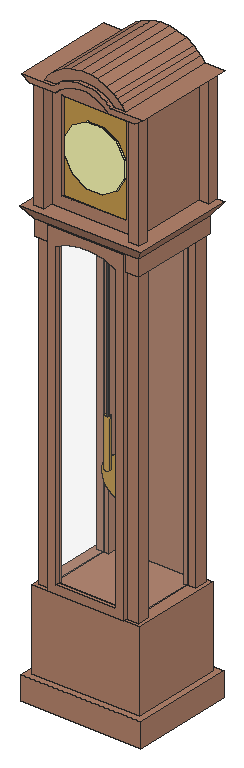
Revit family
Parameters
  Subcategory = "Home Decor"
  SmartBIM Object Version = 3  # constant formula
  SmartBIM Object Created By = "Reed Construction Data"  # constant formula
  Default Elevation = 4' - 0"
  Clock = Wood Solid Mahogany
  Assembly Code = "E1090900"
  95 CSI = "12460"  # constant formula
  04 CSI = "12 46 19"  # constant formula
Reference planes (in)
  plane 1 "Center (Front/Back)": y = 0
  plane 2: z = 0
  plane 3 "Center (Left/Right)": x = 0
  plane 4: y = 6.5
  plane 5 "front": y = -6.5
  plane 6: x = -7.5
  plane 7: x = 7.5
  plane 8: z = 3
  plane 9: z = 13
  plane 10: z = 52
  plane 11: z = 54
  plane 12: z = 55.5
  plane 13: x = -7.5625
  plane 14: x = 7.5625
  plane 15: y = -6.5625
  plane 16: y = 6.5625
  plane 17: z = 69.5
  plane 18: z = 70.1875
  plane 19: z = 71
  plane 20: y = -6.3125
  plane 21: y = -5.8125
  plane 22 "model lines": y = -4.25703
Forms (in)
  Extrusion 1, solid, material "Wood Solid Mahogany" <- "Clock"
    sketch origin (0, 0, 0) x (1, 0, 0) y (0, 1, 0)
      loop
        line (-7.5, 6.5) -> (-7.5, -6.5) -> (7.5, -6.5) -> (7.5, 6.5) -> (-7.5, 6.5)
    from 0 to 3
  Extrusion 2, solid, material "Wood Solid Mahogany" <- "Clock"
    sketch origin (0, 0, 0) x (1, 0, 0) y (0, 1, 0)
      loop
        line (6.75, 5.75) -> (-6.75, 5.75) -> (-6.75, -5.75) -> (6.75, -5.75) -> (6.75, 5.75)
    from 3 to 13
  Extrusion 3, solid, material "Wood Solid Mahogany" <- "Clock"
    sketch origin (0, 0, 0) x (1, 0, 0) y (0, 1, 0)
      loop
        line (-6.25, -3.75) -> (-6.25, -5.25) -> (-4.75, -5.25) -> (-4.75, -3.75) -> (-6.25, -3.75)
      loop
        line (6.25, -3.75) -> (4.75, -3.75) -> (4.75, -5.25) -> (6.25, -5.25) -> (6.25, -3.75)
      loop
        line (-6.25, 3.75) -> (-4.75, 3.75) -> (-4.75, 5.25) -> (-6.25, 5.25) -> (-6.25, 3.75)
      loop
        line (6.25, 3.75) -> (6.25, 5.25) -> (4.75, 5.25) -> (4.75, 3.75) -> (6.25, 3.75)
    from 13 to 52
  Extrusion 4, solid, material "Wood Solid Mahogany" <- "Clock"
    sketch origin (0, 0, 0) x (1, 0, 0) y (0, 0, 1)
      loop
        line (-4.75, 13) -> (4.75, 13) -> (4.75, 54) -> (-4.75, 54) -> (-4.75, 13)
      loop
        line (-3.75, 52) -> (-3.75, 14) -> (3.75, 14) -> (3.75, 52)
        arc (3.75, 52) -> (0, 53) -> (-3.75, 52) r 7.53125
    from 5.25 to 5.75
  Extrusion 5, solid, material "Wood Solid Mahogany" <- "Clock"
    sketch origin (0, 0, 0) x (1, 0, 0) y (0, 1, 0)
      loop
        line (-4.75, 3.75) -> (4.75, 3.75) -> (4.75, -5.5) -> (6.5, -5.5) -> (6.5, 5.5) -> (-6.5, 5.5) -> (-6.5, -5.5) -> (-4.75, -5.5) -> (-4.75, 3.75)
    from 52 to 54
  Blend 6, solid, material "Wood Solid Mahogany" <- "Clock"
    base sketch origin (0, 0, 0) x (1, 0, 0) y (0, 1, 0)
      loop
        line (-6.5, -5.5) -> (6.5, -5.5) -> (6.5, 5.5) -> (-6.5, 5.5) -> (-6.5, -5.5)
    top sketch origin (0, 0, 0) x (1, 0, 0) y (0, 1, 0)
      loop
        line (7.5625, 6.5625) -> (-7.5625, 6.5625) -> (-7.5625, -6.5625) -> (7.5625, -6.5625) -> (7.5625, 6.5625)
    from 54 to 55.5
  Extrusion 7, solid, material "Wood Solid Mahogany" <- "Clock"
    sketch origin (0, 0, 0) x (1, 0, 0) y (0, 1, 0)
      loop
        line (-6.5625, -4.3125) -> (-6.5625, -5.5625) -> (-5.3125, -5.5625) -> (-5.3125, -4.3125) -> (-6.5625, -4.3125)
      loop
        line (6.5625, -4.3125) -> (5.3125, -4.3125) -> (5.3125, -5.5625) -> (6.5625, -5.5625) -> (6.5625, -4.3125)
      loop
        line (6.5625, 6.5625) -> (5.3125, 6.5625) -> (5.3125, 5.3125) -> (6.5625, 5.3125) -> (6.5625, 6.5625)
      loop
        line (-6.5625, 6.5625) -> (-6.5625, 5.3125) -> (-5.3125, 5.3125) -> (-5.3125, 6.5625) -> (-6.5625, 6.5625)
    from 55.5 to 69.5
  Extrusion 8, solid, material "Wood Solid Mahogany" <- "Clock"
    sketch origin (0, 0, 0) x (1, 0, 0) y (0, 0, 1)
      loop
        line (-6.5625, 69.5) -> (-3.3125, 69.5)
        arc (-3.3125, 69.5) -> (-3.03361, 69.7899) -> (-2.72945, 70.05317) r 4.40755
        arc (-2.72945, 70.05317) -> (-2.29106, 70.35776) -> (-1.81905, 70.60712) r 4.40755
        arc (-1.81905, 70.60712) -> (-1.29712, 70.80481) -> (-0.75438, 70.93496) r 4.40755
        arc (-0.75438, 70.93496) -> (-0.10236, 70.99881) -> (0.55192, 70.96531) r 4.40755
        arc (0.55192, 70.96531) -> (1.21272, 70.82988) -> (1.84513, 70.5952) r 4.40755
        arc (1.84513, 70.5952) -> (2.25331, 70.38047) -> (2.63681, 70.12426) r 4.40755
        arc (2.63681, 70.12426) -> (2.99099, 69.82981) -> (3.3125, 69.5) r 4.40755
        line (3.3125, 69.5) -> (6.5625, 69.5) -> (7.5625, 70.1875) -> (3.61042, 70.1875)
        arc (3.61042, 70.1875) -> (3.28669, 70.48568) -> (2.93843, 70.7548) r 5.09505
        arc (2.93843, 70.7548) -> (2.34579, 71.11537) -> (1.70967, 71.39209) r 5.09505
        arc (1.70967, 71.39209) -> (1.19287, 71.54589) -> (0.66272, 71.64422) r 5.09505
        arc (0.66272, 71.64422) -> (0.08477, 71.68679) -> (-0.49427, 71.66347) r 5.09505
        arc (-0.49427, 71.66347) -> (-0.91297, 71.60504) -> (-1.32539, 71.51209) r 5.09505
        arc (-1.32539, 71.51209) -> (-1.72058, 71.38819) -> (-2.10439, 71.23261) r 5.09505
        arc (-2.10439, 71.23261) -> (-2.34948, 71.11345) -> (-2.58785, 70.98136) r 5.09505
        arc (-2.58785, 70.98136) -> (-2.79215, 70.85431) -> (-2.99022, 70.71775) r 5.09505
        arc (-2.99022, 70.71775) -> (-3.31095, 70.46506) -> (-3.61042, 70.1875) r 5.09505
        line (-3.61042, 70.1875) -> (-7.5625, 70.1875) -> (-6.5625, 69.5)
    from -6.5625 to 6.3125
  Extrusion 9, solid, material "Wood Solid Mahogany"
    sketch origin (0, 0, 0) x (1, 0, 0) y (0, 0, 1)
      loop
        line (-5.07589, 70.1875) -> (-3.61042, 70.1875)
        arc (-3.61042, 70.1875) -> (-3.28312, 70.48868) -> (-2.9308, 70.76017) r 5.09505
        arc (-2.9308, 70.76017) -> (-2.55359, 71.00139) -> (-2.15665, 71.20855) r 5.09505
        arc (-2.15665, 71.20855) -> (-1.48814, 71.46533) -> (-0.79024, 71.62584) r 5.09505
        arc (-0.79024, 71.62584) -> (-0.13691, 71.68566) -> (0.5187, 71.66103) r 5.09505
        arc (0.5187, 71.66103) -> (0.93875, 71.60027) -> (1.35228, 71.50477) r 5.09505
        arc (1.35228, 71.50477) -> (1.8824, 71.32702) -> (2.38984, 71.09225) r 5.09505
        arc (2.38984, 71.09225) -> (2.73723, 70.88979) -> (3.06757, 70.66056) r 5.09505
        arc (3.06757, 70.66056) -> (3.34737, 70.43363) -> (3.61042, 70.1875) r 5.09505
        line (3.61042, 70.1875) -> (5.07589, 70.1875)
        arc (5.07589, 70.1875) -> (4.84743, 70.49008) -> (4.60095, 70.77817) r 6.22005
        arc (4.60095, 70.77817) -> (4.36571, 71.02298) -> (4.11746, 71.25459) r 6.22005
        arc (4.11746, 71.25459) -> (3.8838, 71.45096) -> (3.64078, 71.63563) r 6.22005
        arc (3.64078, 71.63563) -> (3.20793, 71.92145) -> (2.75277, 72.1702) r 6.22005
        arc (2.75277, 72.1702) -> (2.19768, 72.41132) -> (1.62179, 72.59735) r 6.22005
        arc (1.62179, 72.59735) -> (1.187, 72.69819) -> (0.74609, 72.76759) r 6.22005
        arc (0.74609, 72.76759) -> (0.14694, 72.81076) -> (-0.45357, 72.79594) r 6.22005
        arc (-0.45357, 72.79594) -> (-1.10269, 72.71398) -> (-1.73961, 72.56428) r 6.22005
        arc (-1.73961, 72.56428) -> (-2.2603, 72.38728) -> (-2.76331, 72.16498) r 6.22005
        arc (-2.76331, 72.16498) -> (-3.47755, 71.74955) -> (-4.13042, 71.24311) r 6.22005
        arc (-4.13042, 71.24311) -> (-4.63332, 70.74232) -> (-5.07589, 70.1875) r 6.22005
    from -6.5625 to 5.8125
  Extrusion 10, solid, material "Wood Solid Mahogany" <- "Clock"
    sketch origin (0, 0, 0) x (1, 0, 0) y (0, 0, 1)
      loop
        line (-5.3125, 55.5) -> (5.3125, 55.5) -> (5.3125, 69.5) -> (3.3125, 69.5)
        arc (3.3125, 69.5) -> (3.10845, 69.7172) -> (2.89018, 69.92011) r 4.40755
        arc (2.89018, 69.92011) -> (2.42218, 70.27478) -> (1.91117, 70.56409) r 4.40755
        arc (1.91117, 70.56409) -> (1.30603, 70.80206) -> (0.67246, 70.9484) r 4.40755
        arc (0.67246, 70.9484) -> (-0.03767, 70.99984) -> (-0.74681, 70.93627) r 4.40755
        arc (-0.74681, 70.93627) -> (-1.26867, 70.81346) -> (-1.77177, 70.62821) r 4.40755
        arc (-1.77177, 70.62821) -> (-2.27443, 70.36783) -> (-2.73957, 70.04517) r 4.40755
        arc (-2.73957, 70.04517) -> (-3.03829, 69.78546) -> (-3.3125, 69.5) r 4.40755
        line (-3.3125, 69.5) -> (-5.3125, 69.5) -> (-5.3125, 55.5)
      loop
        line (-4.0625, 68.125) -> (-4.0625, 56.875) -> (4.0625, 56.875) -> (4.0625, 68.125) -> (-4.0625, 68.125)
    from 4.14306 to 4.3125
  Extrusion 11, solid, material "Wood Solid Mahogany" <- "Clock"
    sketch origin (0, 0, 0) x (1, 0, 0) y (0, 1, 0)
      loop
        line (-5.3125, -4.3125) -> (-5.1875, -4.3125) -> (-5.1875, 5.3125) -> (-5.3125, 5.3125) -> (-5.3125, -4.3125)
      loop
        line (5.3125, 5.3125) -> (5.1875, 5.3125) -> (5.1875, -4.3125) -> (5.3125, -4.3125) -> (5.3125, 5.3125)
    from 55.5 to 69.5
  Extrusion 12, solid, material "Wood Solid Mahogany" <- "Clock"
    sketch origin (0, 9.45556, 0) x (1, 0, 0) y (0, 0, 1)
      loop
        line (-5.3125, 55.5) -> (5.3125, 55.5) -> (5.3125, 69.5) -> (3.3125, 69.5)
        arc (3.3125, 69.5) -> (3.10845, 69.7172) -> (2.89018, 69.92011) r 4.40755
        arc (2.89018, 69.92011) -> (2.42218, 70.27478) -> (1.91117, 70.56409) r 4.40755
        arc (1.91117, 70.56409) -> (1.30603, 70.80206) -> (0.67246, 70.9484) r 4.40755
        arc (0.67246, 70.9484) -> (-0.03767, 70.99984) -> (-0.74681, 70.93627) r 4.40755
        arc (-0.74681, 70.93627) -> (-1.26867, 70.81346) -> (-1.77177, 70.62821) r 4.40755
        arc (-1.77177, 70.62821) -> (-2.27443, 70.36783) -> (-2.73957, 70.04517) r 4.40755
        arc (-2.73957, 70.04517) -> (-3.03829, 69.78546) -> (-3.3125, 69.5) r 4.40755
        line (-3.3125, 69.5) -> (-5.3125, 69.5) -> (-5.3125, 55.5)
    from 4.14306 to 4.3125
  Extrusion 13, solid, material "pendulum"
    sketch origin (0, 0, 0) x (1, 0, 0) y (0, 0, 1)
      loop
        line (-4.0625, 68.125) -> (-4.0625, 56.875) -> (4.0625, 56.875) -> (4.0625, 68.125) -> (-4.0625, 68.125)
    from 4.14306 to 4.01806
  Extrusion 14, solid, material "yellow"
    sketch origin (0, 0, 0) x (1, 0, 0) y (0, 0, 1)
      loop
        line (-1.00481, 66.25) -> (-2.74519, 65.24519) -> (-3.75, 63.50481) -> (-3.75, 61.49519) -> (-2.74519, 59.75481) -> (-1.00481, 58.75) -> (1.00481, 58.75) -> (2.74519, 59.75481) -> (3.75, 61.49519) -> (3.75, 63.50481) -> (2.74519, 65.24519) -> (1.00481, 66.25) -> (-1.00481, 66.25)
    from 4.14306 to 4.25703
  Extrusion 15, solid, material "Wood Solid Mahogany" <- "Clock"
    sketch origin (0, 0, 0) x (1, 0, 0) y (0, 1, 0)
      loop
        line (4.75, 5.25) -> (-4.75, 5.25) -> (-4.75, 5.125) -> (4.75, 5.125) -> (4.75, 5.25)
    from 13 to 52
  Extrusion 16, solid, material "pendulum"
    sketch origin (0, 0, 0) x (1, 0, 0) y (0, 0, 1)
      loop
        arc (-0.375, 27.22171) -> (0, 22.25) -> (0.375, 27.22171) r 2.5
        line (0.375, 27.22171) -> (0.375, 54) -> (-0.375, 54) -> (-0.375, 27.22171)
    from 0 to 0.07875
  Extrusion 17, solid, material "pendulum"
    sketch origin (0, -0.74331, 0) x (1, 0, 0) y (0, 1, 0)
      loop
        circle (-1.51113, 0.33228) r 0.33228
    from 25.4527 to 31.41981
  Extrusion 18, solid, material "black"
    sketch origin (0, 0, 0) x (1, 0, 0) y (0, 1, 0)
      loop
        circle (-1.51113, -0.41103) r 0.10124
    from 31.41981 to 54
  Extrusion 19, solid, material "pendulum"
    sketch origin (0, -0.74331, 0) x (-1, 0, 0) y (0, -1, 0)
      loop
        circle (-1.51113, -0.33228) r 0.33228
    from 25.4527 to 31.41981
  Extrusion 20, solid, material "black"
    sketch origin (0, 0, 0) x (-1, 0, 0) y (0, -1, 0)
      loop
        circle (-1.51113, 0.41103) r 0.10124
    from 31.41981 to 54
  Extrusion 21, solid, material "pendulum"
    sketch origin (1.51113, -0.74331, 10.5) x (1, 0, 0) y (0, 1, 0)
      loop
        circle (-1.51113, 0.33228) r 0.33228
    from 25.4527 to 31.41981
  Extrusion 22, solid, material "black"
    sketch origin (1.51113, 0, 10.5) x (1, 0, 0) y (0, 1, 0)
      loop
        circle (-1.51113, -0.41103) r 0.10124
    from 31.41981 to 43.5
  Extrusion 23, solid, material "Glass 2"
    sketch origin (0, -5.25, 0) x (0, 0, 1) y (-1, 0, 0)
      loop
        line (52, 3.75) -> (14, 3.75) -> (14, -3.75) -> (52, -3.75)
        arc (52, -3.75) -> (53, 0) -> (52, 3.75) r 7.53125
    from 0 to -0.03221
  Extrusion 24, solid, material "Glass 2"
    sketch origin (0, 0, 0) x (1, 0, 0) y (0, 1, 0)
      loop
        line (-5.3125, 3.75) -> (-5.3125, -3.75) -> (-5.1875, -3.75) -> (-5.1875, 3.75) -> (-5.3125, 3.75)
    from 13 to 52
  Extrusion 25, solid, material "Glass 2"
    sketch origin (0, 0, 0) x (-1, 0, 0) y (0, -1, 0)
      loop
        line (-5.3125, -3.75) -> (-5.1875, -3.75) -> (-5.1875, 3.75) -> (-5.3125, 3.75) -> (-5.3125, -3.75)
    from 13 to 52
Cuts and joins
  joined: Extrusion 10, Extrusion 11, Extrusion 12
  joined: Extrusion 3, Extrusion 5, Blend 6
Lines and regions (in)
  model lines
    curve 1: line (-3.25, -4.25703, 62.5) -> (-2.5, -4.25703, 62.5)
    curve 2: line (-2.81458, -4.25703, 64.125) -> (-2.16506, -4.25703, 63.75)
    curve 3: line (1.625, -4.25703, 65.31458) -> (1.25, -4.25703, 64.66506)
    curve 4: line (0, -4.25703, 59.25) -> (0, -4.25703, 60)
    curve 5: line (-1.625, -4.25703, 65.31458) -> (-1.25, -4.25703, 64.66506)
    curve 6: line (2.81458, -4.25703, 64.125) -> (2.16506, -4.25703, 63.75)
    curve 7: line (2.5, -4.25703, 62.5) -> (3.25, -4.25703, 62.5)
    curve 8: line (-2.16506, -4.25703, 61.25) -> (-2.81458, -4.25703, 60.875)
    curve 9: line (-1.25, -4.25703, 60.33494) -> (-1.625, -4.25703, 59.68542)
    curve 10: line (0, -4.25703, 65) -> (0, -4.25703, 65.75)
    curve 11: line (1.25, -4.25703, 60.33494) -> (1.625, -4.25703, 59.68542)
    curve 12: line (2.16506, -4.25703, 61.25) -> (2.81458, -4.25703, 60.875)
    curve 13: line (1.75, -4.25703, 62.5) -> (0, -4.25703, 62.5)
    curve 14: line (0, -4.25703, 62.5) -> (0, -4.25703, 64.75)
    curve 15: line (-5.75, -6.5, 13.41613) -> (-5.75, -6.5, 4)
    curve 16: line (-5.75, -6.5, 4) -> (5.75, -6.5, 4)
    curve 17: line (5.75, -6.5, 4) -> (5.75, -6.5, 13)
    curve 18: line (-4.75, -6.5, 11) -> (-4.75, -6.5, 5)
    curve 19: line (-4.75, -6.5, 5) -> (4.75, -6.5, 5)
    curve 20: line (4.75, -6.5, 5) -> (4.75, -6.5, 11)
    curve 21: line (4.75, -6.5, 11) -> (-4.75, -6.5, 11)
Dimensions and locks (in)
  plane 6 to plane 7 = 1' - 3"
  plane 5 "front" to plane 4 = 1' - 1"
  locked: plane 14 to plane 7 at 0.0625
  locked: plane 8 to level at 3
  locked: plane 9 to plane 8 at 10
  locked: plane 10 to plane 9 at 39
  locked: plane 11 to plane 10 at 2
  locked: plane 12 to plane 11 at 1.5
  locked: plane 15 to Extrusion 7 sketch curve at 1
  locked: plane 13 to Extrusion 7 sketch curve at 1
  locked: Extrusion 7 sketch curve to Extrusion 7 sketch curve at 1.25  (x8)
  locked: Extrusion 7 sketch curve to plane 14 at 1
  locked: Extrusion 7 sketch curve to plane 15 at 1
  locked: plane 17 to plane 12 at 14
  locked: plane 18 to plane 17 at 0.6875
  locked: plane 5 "front" to plane 20 at 0.1875
  locked: plane 20 to plane 21 at 0.5
  locked: plane 6 to plane 13 at 0.0625
  aligned and locked: plane 8 to Extrusion 1
  aligned and locked: Extrusion 1 to level
  aligned and locked: Extrusion 2 to plane 8
  aligned and locked: plane 9 to Extrusion 2
  aligned and locked: Extrusion 3 to Extrusion 2
  aligned and locked: plane 10 to Extrusion 3
  aligned and locked: Extrusion 5 to plane 10
  aligned and locked: plane 11 to Extrusion 5
  aligned and locked: plane 12 to Blend 6
  aligned and locked: Blend 6 to plane 11
  aligned and locked: Blend 6 to plane 12
  aligned and locked: plane 11 to Extrusion 4  (x2)
  aligned and locked: plane 11 to Blend 6
  aligned and locked: Extrusion 1 to plane 6
  aligned and locked: plane 7 to Extrusion 1
  aligned and locked: plane 16 to Extrusion 7 sketch curve
  aligned and locked: Extrusion 7 sketch curve to plane 16
  aligned and locked: Extrusion 7 to plane 12
  aligned and locked: plane 17 to Extrusion 7
  aligned and locked: Extrusion 8 sketch curve to plane 17
  aligned and locked: plane 17 to Extrusion 8 sketch curve
  aligned and locked: Extrusion 8 to plane 16
  aligned and locked: plane 20 to Extrusion 8
  aligned and locked: Extrusion 9 sketch curve to Extrusion 8
  aligned and locked: Extrusion 8 to Extrusion 9
  aligned and locked: Extrusion 9 to plane 21
  aligned and locked: Extrusion 10 sketch curve to Extrusion 8
  aligned and locked: Extrusion 8 to Extrusion 10 sketch curve
  aligned and locked: Extrusion 10 sketch curve to Extrusion 7  (x2)
  aligned and locked: Blend 6 to Extrusion 10 sketch curve
  aligned and locked: Extrusion 10 to Extrusion 7
  aligned and locked: plane 17 to Extrusion 11
  aligned and locked: Extrusion 11 to plane 12
  aligned and locked: Extrusion 13 to Extrusion 10
  aligned and locked: Extrusion 10 to Extrusion 14
  aligned and locked: Extrusion 15 to Extrusion 2
  aligned and locked: plane 10 to Extrusion 15
  aligned and locked: Extrusion 18 to Extrusion 17
  aligned and locked: Extrusion 4 to Extrusion 18
  aligned and locked: Extrusion 19 to Extrusion 20
  aligned and locked: Extrusion 22 to Extrusion 21
  aligned and locked: curve 7 to curve 13
  aligned and locked: Extrusion 3 to Extrusion 24
  aligned and locked: Extrusion 24 to plane 9
  aligned and locked: Extrusion 25 to Extrusion 2
  aligned and locked: Extrusion 3 to Extrusion 25
  aligned and locked: Extrusion 25 to Extrusion 3  (x2)
  aligned and locked: Extrusion 24 to Extrusion 3  (x2)
